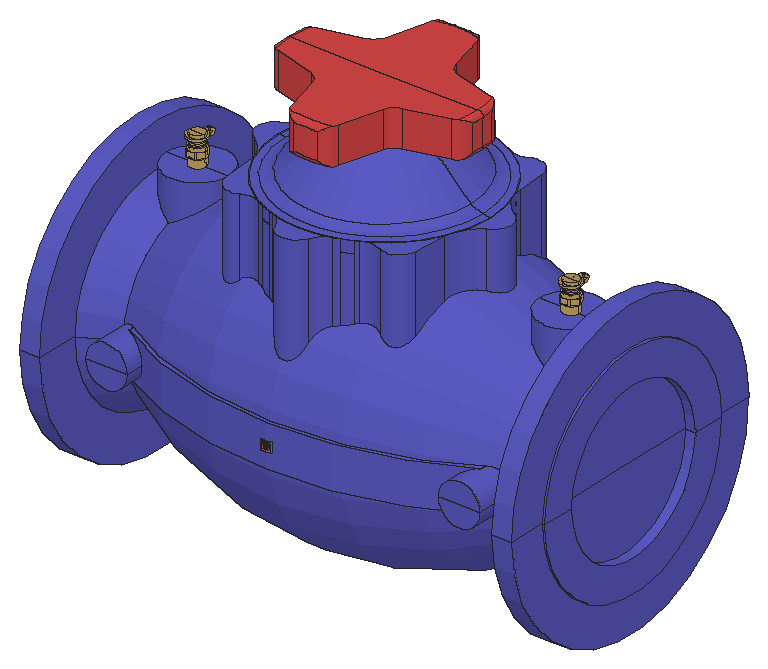
Revit family "HERZ Strömax Commissioning Valve With Test points, Straight Body 4218 GMF", category Rohrzubehör, Revit 2019
Family settings
  Bemaßung runder Anschluss = Durchmesser verwenden
  Teiletyp = Unterbricht
  OmniClass-Nummer = 23.65.55.14
  OmniClass-Titel = Valves for Liquid Services
  Arbeitsebenenbasiert = Nein
  Immer vertikal = Ja
  Beim Laden mit Abzugskörper schneiden = Nein
  Gemeinsam genutzt = Nein
Parameters
  kvs-value [instance] = if(Nennweite = 25.00 mm, 11.53, if(Nennweite = 32.00 mm, 16.6, if(Nennweite = 40.00 mm, 28.6, if(Nennweite = 50.00 mm, 37.84, if(Nennweite = 65.00 mm, 60.3, if(Nennweite = 80.00 mm, 67.8, if(Nennweite = 100.00 mm, 99.55, if(Nennweite = 125.00 mm, 186.58, if(Nennweite = 150.00 mm, 279.05, 0)))))))))  # 279.05
  W02 = 60.00°  # constant formula
  W01 [instance] = if(Nennweite = 25.00 mm, 10.00°, if(Nennweite = 32.00 mm, 10.00°, if(Nennweite = 40.00 mm, 15.00°, if(Nennweite = 50.00 mm, 10.00°, if(Nennweite = 65.00 mm, 25.00°, if(Nennweite = 80.00 mm, 25.00°, 0.80°))))))  # 0.80°
  Upper part (up to DN100) = "brass"  # constant formula
  Upper part (from DN125) = "grey cast iron"  # constant formula
  URL = "www.herzvalves.com"
  SCRNSEQ = "ARM;ARM_TYP=\"STRV\";2"
  SCRNCODE = "05;07;02"  # constant formula
  S01 [instance] = Nennweite + 10.00 mm  # 160.00 mm
  R02 [instance] = size_lookup("4218_GMF_", "R2", 1.00 mm, Nennweite)  # 30.00 mm
  R01 [instance] = size_lookup("4218_GMF_", "R1", 1.00 mm, Nennweite)  # 20.00 mm
  Part number [instance] = size_lookup("4218_GMF_", "Artnr", 0, Nennweite)  # 1421851
  O-Ring = "EPDM"  # constant formula
  Nennweite [instance] = 150.00 mm
  Model = "The STRÖMAX GMF commissioning valve with measuring valve, straight body DN 25 - 150:\r\nBody of grey cast iron GJL 250 according to EN 1561, flange according to EN 1092, PN 16;\r\nlength according to ÖNORM EN-558-1, basic series 1; painted blue.\r\nThermostatic upper part of brass to DN 100; from DN 125 thermstatic upper part of grey cast iron.\r\nDigital display of the pre-setting levels.\r\nNon-rising spindle with double O-ring seal."
  Medium = "Water purity in accordance with the ÖNORM H 5195 and VDI 2035 standards.\r\nEthylene and propylene glycol can be used in a ratio of 25-50 vol. [%] are mixed."
  Max. operating pressure = 1600000.0 Pa  # constant formula
  Max. operating temperature (up to DN32) = 130 °C  # constant formula
  Max. operating temperature (from DN40) = 110 °C  # constant formula
  L03 [instance] = size_lookup("4218_GMF_", "L3", 1.00 mm, Nennweite)  # 180.00 mm
  L02 [instance] = size_lookup("4218_GMF_", "L2", 1.00 mm, Nennweite)  # 170.00 mm
  L01 [instance] = size_lookup("4218_GMF_", "L1", 1.00 mm, Nennweite)  # 185.00 mm
  L00 [instance] = size_lookup("4218_GMF_", "L", 1.00 mm, Nennweite)  # 480.00 mm
  Hersteller = "HERZ Armaturen Ges.m.b.H."  # constant formula
  H08 [instance] = H02 + H04  # 238.50 mm
  H07 = 10.00 mm  # constant formula
  H06 [instance] = size_lookup("4218_GMF_", "H6", 1.00 mm, Nennweite)  # 56.00 mm
  H05 [instance] = size_lookup("4218_GMF_", "H5", 1.00 mm, Nennweite)  # 11.00 mm
  H04 [instance] = size_lookup("4218_GMF_", "H4", 1.00 mm, Nennweite)  # 78.50 mm
  H03 [instance] = size_lookup("4218_GMF_", "H3", 1.00 mm, Nennweite)  # 118.00 mm
  H02N [instance] = H02 + 11.00 mm  # 171.00 mm
  H02 [instance] = size_lookup("4218_GMF_", "H2", 1.00 mm, Nennweite)  # 160.00 mm
  H01 [instance] = size_lookup("4218_GMF_", "H1", 1.00 mm, Nennweite)  # 122.00 mm
  GT = 10.00 mm  # constant formula
  Field of application = "For hydraulic balancing in heating or cooling systems, regulating and shutting off distribution circuits, heat ex-changers, heating and cooling terminals."
  FLL02 [instance] = size_lookup("4218_GMF_", "FLL2", 1.00 mm, Nennweite)  # 19.00 mm
  FLL01 [instance] = size_lookup("4218_GMF_", "FLL1", 1.00 mm, Nennweite)  # 3.00 mm
  FLD03 [instance] = size_lookup("4218_GMF_", "FLD3", 1.00 mm, Nennweite)  # 84.20 mm
  FLD02 [instance] = size_lookup("4218_GMF_", "FLD2", 1.00 mm, Nennweite)  # 101.00 mm
  FLD01 [instance] = size_lookup("4218_GMF_", "FLD1", 1.00 mm, Nennweite)  # 106.00 mm
  FLD00 [instance] = size_lookup("4218_GMF_", "FLD", 1.00 mm, Nennweite)  # 142.50 mm
  Differential pressure measurement = "The STRÖMAX GMF double regulating and commissioning valve is equipped with two test points:\r\nIf a suitable measuring device is used, the differential pressure can be measured and the respective flow rate can be determined depending on the setting level.\r\nThe respective flow rate can also be read directly on the HERZ measuring computer (see device manual)."
  DN80 [instance] = Nennweite = 80.00 mm  # no
  DN65 [instance] = Nennweite = 65.00 mm  # no
  DN50-DN80 [instance] = or(Nennweite = 50.00 mm, Nennweite = 65.00 mm, Nennweite = 80.00 mm)  # no
  DN50 [instance] = Nennweite = 50.00 mm  # no
  DN40 [instance] = Nennweite = 40.00 mm  # no
  DN32 [instance] = Nennweite = 32.00 mm  # no
  DN25-DN40 [instance] = or(Nennweite = 25.00 mm, Nennweite = 32.00 mm, Nennweite = 40.00 mm)  # no
  DN25 [instance] = Nennweite = 25.00 mm  # no
  DN150 [instance] = Nennweite = 150.00 mm  # yes
  DN125 [instance] = Nennweite = 125.00 mm  # no
  DN100-DN125 [instance] = or(Nennweite = 100.00 mm, Nennweite = 125.00 mm, Nennweite = 150.00 mm)  # yes
  DN100 [instance] = Nennweite = 100.00 mm  # no
  D04 [instance] = size_lookup("4218_GMF_", "D4", 1.00 mm, Nennweite)  # 15.00 mm
  D03 [instance] = size_lookup("4218_GMF_", "D3", 1.00 mm, Nennweite)  # 16.00 mm
  D02 [instance] = size_lookup("4218_GMF_", "D2", 1.00 mm, Nennweite)  # 17.00 mm
  D01 [instance] = size_lookup("4218_GMF_", "D1", 1.00 mm, Nennweite)  # 102.50 mm
  D00 [instance] = size_lookup("4218_GMF_", "D", 1.00 mm, Nennweite)  # 140.00 mm
  Body = "grey cast iron GJL 250 according to EN 1561"  # constant formula
  BH02 [instance] = -BH01  # -20.00 mm
  BH01 [instance] = if(Nennweite = 25.00 mm, 12.00 mm, if(Nennweite = 32.00 mm, 12.50 mm, if(Nennweite = 40.00 mm, 12.50 mm, if(Nennweite = 50.00 mm, 12.50 mm, if(Nennweite = 65.00 mm, 15.00 mm, if(Nennweite = 80.00 mm, 16.00 mm, if(Nennweite = 100.00 mm, 17.50 mm, if(Nennweite = 125.00 mm, 17.50 mm, if(Nennweite = 150.00 mm, 20.00 mm, 1.00 mm)))))))))  # 20.00 mm
  Anschluss [instance] = Nennweite / 2  # 75.00 mm
Reference planes
  plane 1 "Mitte (Vorne/hinten)": y = 0
  plane 2: z = 0
  plane 3 "Mitte (Links/rechts)": x = 0
Forms (mm)
  Revolve 1, solid, material "Herz-Marineblau", detail levels fine
    sketch origin (1058.943, 0, 0) x (1, 0, 0) y (0, 1, 0)
      loop
        line (-1295.943, 142.5) -> (-1295.943, 106) -> (-1298.943, 106) -> (-1298.943, 75) -> (-1288.943, 75) -> (-1288.943, 0) -> (-828.943, 0) -> (-828.943, 75) -> (-818.943, 75) -> (-818.943, 106) -> (-821.943, 106) -> (-821.943, 142.5) -> (-840.943, 142.5) -> (-840.943, 101) -> (-873.943, 84.2)
        arc (-873.943, 84.2) -> (-1058.943, 140) -> (-1243.943, 84.2) r 334.576
        line (-1243.943, 84.2) -> (-1276.943, 101) -> (-1276.943, 142.5) -> (-1295.943, 142.5)
      axis (-1298.943, 0) -> (-818.943, 0)
    angle from 0 to 360
  Revolve 2, solid, material "Herz-Marineblau", detail levels fine
    sketch origin (0, 0, 0) x (1, 0, 0) y (0, 1, 0)
      loop
        line (-170, 122) -> (-190, 122) -> (-190, -122) -> (-170, -122) -> (-170, 122)
      axis (-170, 122) -> (-170, -122)
    angle from 0 to 360
  Revolve 3, solid, material "Herz-Marineblau", detail levels fine
    sketch origin (0, 0, 0) x (-1, 0, 0) y (0, 1, 0)
      loop
        line (-170, 122) -> (-190, 122) -> (-190, -122) -> (-170, -122) -> (-170, 122)
      axis (-170, 122) -> (-170, -122)
    angle from 0 to 360
  Revolve 4, solid, material "Herz-Marineblau", detail levels fine
    sketch origin (0, 0, 0) x (1, 0, 0) y (0, 0, 1)
      loop
        line (0, 0) -> (0, 160) -> (-102.5, 160) -> (-102.5, 0) -> (0, 0)
      axis (0, 160) -> (0, 0)
    angle from 0 to 360
  Revolve 5, solid, material "Herz-Marineblau", detail levels fine
    sketch origin (0, 0, 0) x (1, 0, 0) y (0, 0, 1)
      loop
        line (-178.413, 4.322) -> (-148.416, 4.741) -> (-150.003, 118.419) -> (-180, 118) -> (-178.413, 4.322)
      axis (-180, 118) -> (-178.413, 4.322)
    angle from 0 to 360
  Revolve 6, solid, material "Herz-Marineblau", detail levels fine
    sketch origin (0, 0, 0) x (-1, 0, 0) y (0, 0, 1)
      loop
        line (-178.413, 4.322) -> (-148.416, 4.741) -> (-150.003, 118.419) -> (-180, 118) -> (-178.413, 4.322)
      axis (-180, 118) -> (-178.413, 4.322)
    angle from 0 to 360
  Extrusion 7, solid, material "Herz-Marineblau", visible <- "DN25", detail levels fine
    sketch origin (0, 0, 0) x (1, 0, 0) y (0, 1, 0)
      loop
        line (-40, 18.232) -> (-40, -18.232)
        arc (-40, -18.232) -> (0, -31) -> (40, -18.232) r 69.038
        line (40, -18.232) -> (40, 18.232)
        arc (40, 18.232) -> (0, 31) -> (-40, 18.232) r 69.038
    from -20 <- "BH02" to 20 <- "BH01"
  Extrusion 8, solid, material "Herz-Marineblau", visible <- "DN32", detail levels fine
    sketch origin (0, 0, 0) x (1, 0, 0) y (0, 1, 0)
      loop
        line (-50, 21.35) -> (-50, -21.35)
        arc (-50, -21.35) -> (0, -37) -> (50, -21.35) r 87.698
        line (50, -21.35) -> (50, 21.35)
        arc (50, 21.35) -> (0, 37) -> (-50, 21.35) r 87.698
    from -20 <- "BH02" to 20 <- "BH01"
  Extrusion 9, solid, material "Herz-Marineblau", visible <- "DN40", detail levels fine
    sketch origin (0, 0, 0) x (1, 0, 0) y (0, 1, 0)
      loop
        arc (-60, -22.89) -> (0, -39) -> (60, -22.89) r 119.787
        line (60, -22.89) -> (60, 22.89)
        arc (60, 22.89) -> (0, 39) -> (-60, 22.89) r 119.787
        line (-60, 22.89) -> (-60, -22.89)
    from -20 <- "BH02" to 20 <- "BH01"
  Extrusion 10, solid, material "Herz-Marineblau", visible <- "DN50", detail levels fine
    sketch origin (0, 0, 0) x (1, 0, 0) y (0, 1, 0)
      loop
        line (70, -31.244) -> (70, 31.244)
        arc (70, 31.244) -> (0, 44) -> (-70, 31.244) r 198.442
        line (-70, 31.244) -> (-70, -31.244)
        arc (-70, -31.244) -> (0, -44) -> (70, -31.244) r 198.442
    from -20 <- "BH02" to 20 <- "BH01"
  Extrusion 11, solid, material "Herz-Marineblau", visible <- "DN65", detail levels fine
    sketch origin (0, 0, 0) x (1, 0, 0) y (0, 1, 0)
      loop
        line (-89, 42.065) -> (-89, -42.065)
        arc (-89, -42.065) -> (0, -53) -> (89, -42.065) r 367.662
        line (89, -42.065) -> (89, 42.065)
        arc (89, 42.065) -> (0, 53) -> (-89, 42.065) r 367.662
    from -20 <- "BH02" to 20 <- "BH01"
  Extrusion 12, solid, material "Herz-Marineblau", visible <- "DN80", detail levels fine
    sketch origin (0, 0, 0) x (1, 0, 0) y (0, 1, 0)
      loop
        arc (-100, -47.474) -> (0, -56.538) -> (100, -47.474) r 556.156
        line (100, -47.474) -> (100, 47.474)
        arc (100, 47.474) -> (0, 56.538) -> (-100, 47.474) r 556.156
        line (-100, 47.474) -> (-100, -47.474)
    from -20 <- "BH02" to 20 <- "BH01"
  Extrusion 13, solid, material "Herz-Marineblau", visible <- "DN100", detail levels fine
    sketch origin (0, 0, 0) x (1, 0, 0) y (0, 1, 0)
      loop
        line (-118, 61.457) -> (-118, -61.457)
        arc (-118, -61.457) -> (0, -84.506) -> (118, -61.457) r 313.571
        line (118, -61.457) -> (118, 61.457)
        arc (118, 61.457) -> (0, 84.506) -> (-118, 61.457) r 313.571
    from -20 <- "BH02" to 20 <- "BH01"
  Extrusion 14, solid, material "Herz-Marineblau", visible <- "DN125", detail levels fine
    sketch origin (0, 0, 0) x (1, 0, 0) y (0, 1, 0)
      loop
        line (-140, 76.087) -> (-140, -76.087)
        arc (-140, -76.087) -> (0, -121.009) -> (140, -76.087) r 240.621
        line (140, -76.087) -> (140, 76.087)
        arc (140, 76.087) -> (0, 121.009) -> (-140, 76.087) r 240.621
    from -20 <- "BH02" to 20 <- "BH01"
  Extrusion 15, solid, material "Herz-Marineblau", visible <- "DN150", detail levels fine
    sketch origin (0, 0, 0) x (1, 0, 0) y (0, 1, 0)
      loop
        arc (-170, -95.905) -> (0, -141.967) -> (170, -95.905) r 336.739
        line (170, -95.905) -> (170, 95.905)
        arc (170, 95.905) -> (0, 141.967) -> (-170, 95.905) r 336.739
        line (-170, 95.905) -> (-170, -95.905)
    from -20 <- "BH02" to 20 <- "BH01"
  Extrusion 16, solid, material "Herz-Marineblau", visible <- "DN125", detail levels fine
    sketch origin (0, 0, 0) x (1, 0, 0) y (0, 1, 0)
      loop
        arc (15.676, 98.149) -> (0, 109.5) -> (-15.676, 98.149) r 16.5
        arc (-15.676, 98.149) -> (-20.502, 90.282) -> (-28.346, 85.419) r 20
        arc (-28.346, 85.419) -> (-34.369, 83.168) -> (-40.215, 80.492) r 90
        arc (-40.215, 80.492) -> (-49.468, 78.32) -> (-58.678, 80.663) r 20
        arc (-58.678, 80.663) -> (-75.166, 79.318) -> (-82.2, 64.344) r 16.5
        line (-82.2, 64.344) -> (-85.23, 28.819)
        arc (-85.23, 28.819) -> (-90.21, 20.539) -> (-98.49, 15.56) r 20
        arc (-98.49, 15.56) -> (-109.5, 0) -> (-98.49, -15.56) r 16.5
        arc (-98.49, -15.56) -> (-90.21, -20.539) -> (-85.23, -28.819) r 20
        line (-85.23, -28.819) -> (-82.2, -64.344)
        arc (-82.2, -64.344) -> (-75.166, -79.318) -> (-58.678, -80.663) r 16.5
        arc (-58.678, -80.663) -> (-49.468, -78.32) -> (-40.215, -80.492) r 20
        arc (-40.215, -80.492) -> (-34.369, -83.168) -> (-28.346, -85.419) r 90
        arc (-28.346, -85.419) -> (-20.502, -90.282) -> (-15.676, -98.149) r 20
        arc (-15.676, -98.149) -> (0, -109.5) -> (15.676, -98.149) r 16.5
        arc (15.676, -98.149) -> (20.502, -90.282) -> (28.346, -85.419) r 20
        arc (28.346, -85.419) -> (34.369, -83.168) -> (40.215, -80.492) r 90
        arc (40.215, -80.492) -> (49.468, -78.32) -> (58.678, -80.663) r 20
        arc (58.678, -80.663) -> (75.166, -79.318) -> (82.2, -64.344) r 16.5
        line (82.2, -64.344) -> (85.23, -28.819)
        arc (85.23, -28.819) -> (90.21, -20.539) -> (98.49, -15.56) r 20
        arc (98.49, -15.56) -> (109.5, 0) -> (98.49, 15.56) r 16.5
        arc (98.49, 15.56) -> (90.21, 20.539) -> (85.23, 28.819) r 20
        line (85.23, 28.819) -> (82.2, 64.344)
        arc (82.2, 64.344) -> (75.166, 79.318) -> (58.678, 80.663) r 16.5
        arc (58.678, 80.663) -> (49.468, 78.32) -> (40.215, 80.492) r 20
        arc (40.215, 80.492) -> (34.369, 83.168) -> (28.346, 85.419) r 90
        arc (28.346, 85.419) -> (20.502, 90.282) -> (15.676, 98.149) r 20
    from 0 to 171 <- "H02N"
  Extrusion 17, solid, material "Herz-Marineblau", visible <- "DN150", detail levels fine
    sketch origin (0, 0, 0) x (1, 0, 0) y (0, 1, 0)
      loop
        arc (16.1, 110.958) -> (0, 122.5) -> (-16.1, 110.958) r 17
        arc (-16.1, 110.958) -> (-21.16, 102.981) -> (-29.318, 98.218) r 19.995
        arc (-29.318, 98.218) -> (-39.225, 94.698) -> (-48.72, 90.181) r 102.5
        arc (-48.72, 90.181) -> (-57.856, 87.781) -> (-67.075, 89.844) r 19.995
        arc (-67.075, 89.844) -> (-82.996, 89.381) -> (-91.547, 75.943) r 17
        line (-91.547, 75.943) -> (-94.4, 39.936)
        arc (-94.4, 39.936) -> (-101.42, 25.402) -> (-113.679, 14.903) r 39.4
        arc (-113.679, 14.903) -> (-122.5, 0) -> (-113.679, -14.903) r 17
        arc (-113.679, -14.903) -> (-101.42, -25.402) -> (-94.4, -39.936) r 39.4
        line (-94.4, -39.936) -> (-91.547, -75.943)
        arc (-91.547, -75.943) -> (-82.996, -89.381) -> (-67.075, -89.844) r 17
        arc (-67.075, -89.844) -> (-57.856, -87.781) -> (-48.72, -90.181) r 19.995
        arc (-48.72, -90.181) -> (-39.225, -94.698) -> (-29.318, -98.218) r 102.5
        arc (-29.318, -98.218) -> (-21.16, -102.981) -> (-16.1, -110.958) r 19.995
        arc (-16.1, -110.958) -> (0, -122.5) -> (16.1, -110.958) r 17
        arc (16.1, -110.958) -> (21.16, -102.981) -> (29.318, -98.218) r 19.995
        arc (29.318, -98.218) -> (39.225, -94.698) -> (48.72, -90.181) r 102.5
        arc (48.72, -90.181) -> (57.856, -87.781) -> (67.075, -89.844) r 19.995
        arc (67.075, -89.844) -> (82.996, -89.381) -> (91.547, -75.943) r 17
        line (91.547, -75.943) -> (93.96, -45.484)
        arc (93.96, -45.484) -> (99.132, -28.867) -> (110.958, -16.1) r 39.4
        arc (110.958, -16.1) -> (122.5, 0) -> (110.958, 16.1) r 17
        arc (110.958, 16.1) -> (99.132, 28.867) -> (93.96, 45.484) r 39.4
        line (93.96, 45.484) -> (91.547, 75.943)
        arc (91.547, 75.943) -> (82.996, 89.381) -> (67.075, 89.844) r 17
        arc (67.075, 89.844) -> (57.856, 87.781) -> (48.72, 90.181) r 19.995
        arc (48.72, 90.181) -> (39.225, 94.698) -> (29.318, 98.218) r 102.5
        arc (29.318, 98.218) -> (21.16, 102.981) -> (16.1, 110.958) r 19.995
    from 0 to 171 <- "H02N"
  Revolve 18, solid, material "Herz-Marineblau", detail levels fine
    sketch origin (0, 0, 0) x (1, 0, 0) y (0, 0, 1)
      loop
        line (0, 160) -> (0, 238.5) -> (-15, 238.5) -> (-15, 228.5) -> (-16, 228.5) -> (-16, 227) -> (-17, 227) -> (-17, 171) -> (-102.5, 171) -> (-102.5, 160) -> (0, 160)
      axis (0, 238.5) -> (0, 160)
    angle from 0 to 360
  Revolve 19, solid, material "Herz-Marineblau", visible <- "DN125", detail levels fine
    sketch origin (0, 0, 143) x (1, 0, 0) y (0, 0, 1)
      loop
        line (0, 0) -> (0, 62) -> (-15, 62) -> (-15, 52) -> (-21.8, 52)
        arc (-21.8, 52) -> (-23.44, 48.297) -> (-27.284, 47.023) r 5
        arc (-27.284, 47.023) -> (-30.294, 46.63) -> (-32.827, 44.959) r 6.752
        arc (-32.827, 44.959) -> (-52.854, 27.042) -> (-71.197, 7.406) r 300
        arc (-71.197, 7.406) -> (-77.249, 2.612) -> (-84.666, 0.467) r 20
        line (-84.666, 0.467) -> (-90, 0) -> (0, 0)
      axis (0, 62) -> (0, 0)
    angle from 0 to 360
  Revolve 20, solid, material "Herz-Marineblau", visible <- "DN150", detail levels fine
    sketch origin (0, 0, 171) x (1, 0, 0) y (0, 0, 1)
      loop
        line (0, 67.5) -> (-15, 67.5) -> (-15, 57.5) -> (-21.8, 57.5)
        arc (-21.8, 57.5) -> (-23.44, 53.797) -> (-27.284, 52.523) r 5
        arc (-27.284, 52.523) -> (-29.026, 52.21) -> (-30.549, 51.31) r 5
        arc (-30.549, 51.31) -> (-58.499, 29.932) -> (-83.754, 5.428) r 300
        arc (-83.754, 5.428) -> (-89.037, 2.148) -> (-95.072, 0.65) r 20
        line (-95.072, 0.65) -> (-102.5, 0) -> (0, 0) -> (0, 67.5)
      axis (0, 67.5) -> (0, 0)
    angle from 0 to 360
Lines and regions (mm)
  model lines, detail levels coarse+medium
    curve 1: line (-240, 0, 142.5) -> (-240, 0, -142.5)
    curve 2: line (-240, 0, -142.5) -> (240, 0, 142.5)
    curve 3: line (240, 0, 142.5) -> (240, 0, -142.5)
    curve 4: line (240, 0, -142.5) -> (-240, 0, 142.5)
    curve 5: line (0, 0, 0) -> (137.698, 0, 238.5)
    curve 6: line (68.416, 0, 278.5) -> (206.98, 0, 198.5)
    curve 7: line (-240, 142.5, 0) -> (-240, -142.5, 0)
    curve 8: line (-240, -142.5, 0) -> (240, 142.5, 0)
    curve 9: line (240, 142.5, 0) -> (240, -142.5, 0)
    curve 10: line (240, -142.5, 0) -> (-240, 142.5, 0)
    curve 11: line (0, 0, 0) -> (137.698, 238.5, 0)
    curve 12: line (68.416, 278.5, 0) -> (206.98, 198.5, 0)
Dimensions and locks
  "FLD00": plane 1 "Mitte (Vorne/hinten)" to Revolve 1 sketch curve
  "FLD01": plane 1 "Mitte (Vorne/hinten)" to Revolve 1 sketch curve
  "FLD02": plane 1 "Mitte (Vorne/hinten)" to Revolve 1 sketch curve  (x2)
  "FLD03": plane 1 "Mitte (Vorne/hinten)" to Revolve 1 sketch curve  (x2)
  "GT": Revolve 1 sketch curve to Revolve 1 sketch curve  (x2)
  "FLL01": Revolve 1 sketch curve to Revolve 1 sketch curve  (x2)
  "FLL02": Revolve 1 sketch curve to Revolve 1 sketch curve  (x2)
  equal spacing: Revolve 1 sketch curve, plane 3 "Mitte (Links/rechts)", Revolve 1 sketch curve
  "Anschluss": Revolve 1 sketch curve to plane 1 "Mitte (Vorne/hinten)"
  "Anschluss": plane 1 "Mitte (Vorne/hinten)" to Revolve 1 sketch curve
  "FLD01": Revolve 1 sketch curve to plane 1 "Mitte (Vorne/hinten)"
  "FLD00": Revolve 1 sketch curve to plane 1 "Mitte (Vorne/hinten)"
  "L00": Revolve 1 sketch curve to Revolve 1 sketch curve
  "D00": plane 1 "Mitte (Vorne/hinten)" to Revolve 1 sketch curve
  "L01": Revolve 1 sketch curve to plane 3 "Mitte (Links/rechts)" to Revolve 1 sketch curve
  "L02": Revolve 2 sketch curve to plane 3 "Mitte (Links/rechts)"
  "R01": Revolve 2 sketch curve to Revolve 2 sketch curve
  "H01": Revolve 2 sketch curve to plane 1 "Mitte (Vorne/hinten)" to Revolve 2 sketch curve
  "L02": plane 3 "Mitte (Links/rechts)" to Revolve 3 sketch curve
  "R01": Revolve 3 sketch curve to Revolve 3 sketch curve
  "H01": Revolve 3 sketch curve to plane 1 "Mitte (Vorne/hinten)" to Revolve 3 sketch curve
  "D01": plane 3 "Mitte (Links/rechts)" to Revolve 4 sketch curve
  "H02": Revolve 4 sketch curve to plane 2
  "H03": Revolve 5 sketch curve to plane 2  (x2)
  "R02": Revolve 5 sketch curve to Revolve 5 sketch curve
  "L03": plane 3 "Mitte (Links/rechts)" to Revolve 5 sketch curve  (x2)
  "R02": Revolve 6 sketch curve to Revolve 6 sketch curve
  "L03": Revolve 6 sketch curve to plane 3 "Mitte (Links/rechts)"  (x2)
  "H03": Revolve 6 sketch curve to plane 2  (x2)
  "D01": plane 3 "Mitte (Links/rechts)" to Revolve 18 sketch curve
  "D02": plane 3 "Mitte (Links/rechts)" to Revolve 18 sketch curve
  "D03": plane 3 "Mitte (Links/rechts)" to Revolve 18 sketch curve
  "D04": plane 3 "Mitte (Links/rechts)" to Revolve 18 sketch curve
  "H02": Revolve 18 sketch curve to plane 2
  "H04": Revolve 18 sketch curve to Revolve 18 sketch curve
  "H05": Revolve 18 sketch curve to Revolve 18 sketch curve
  "H06": Revolve 18 sketch curve to Revolve 18 sketch curve
  "H07": Revolve 18 sketch curve to Revolve 18 sketch curve
  "H08": nested 28 to plane 2
  "H08": nested 29 to plane 2
  "H08": nested 30 to plane 2
  "FLD00": curve 4 to plane 2 to curve 2
  "FLD00": curve 3 to plane 2 to curve 4
  equal spacing: curve 1, plane 3 "Mitte (Links/rechts)", curve 3
  "L00": curve 1 to curve 3
  equal spacing: curve 1, curve 5, curve 3
  "H08": curve 5 to plane 2
  equal spacing: curve 6, curve 5, curve 6
  "S01": curve 6 to curve 6
  "FLD00": curve 8 to plane 1 "Mitte (Vorne/hinten)" to curve 10
  "FLD00": curve 10 to plane 1 "Mitte (Vorne/hinten)" to curve 9
  equal spacing: curve 7, plane 3 "Mitte (Links/rechts)", curve 9
  "L00": curve 7 to curve 9
  equal spacing: curve 7, curve 11, curve 9
  "H08": plane 1 "Mitte (Vorne/hinten)" to curve 11
  equal spacing: curve 12, curve 11, curve 12
  "S01": curve 12 to curve 12
  "W01": angle plane 3 "Mitte (Links/rechts)" to Revolve 5 sketch curve  (x2)
  "W01": angle Revolve 6 sketch curve to plane 3 "Mitte (Links/rechts)"  (x2)
  "W02": angle plane 2 to curve 5
  "W02": angle plane 1 "Mitte (Vorne/hinten)" to curve 11
  aligned and locked: level to plane 2
Automatic sketch dimensions
  Extrusion 7 sketch curve to plane 3 "Mitte (Links/rechts)" = 0.00 mm  (x2)
  Extrusion 7 sketch curve to plane 1 "Mitte (Vorne/hinten)" = 18.232 mm  (x2)
  Extrusion 7 sketch curve to plane 3 "Mitte (Links/rechts)" = 40.00 mm
  plane 1 "Mitte (Vorne/hinten)" to Extrusion 7 sketch curve = 18.232 mm
  plane 1 "Mitte (Vorne/hinten)" to Extrusion 7 sketch curve = 38.038 mm
  Extrusion 7 sketch curve to plane 1 "Mitte (Vorne/hinten)" = 38.038 mm
  Extrusion 8 sketch curve to plane 3 "Mitte (Links/rechts)" = 0.00 mm  (x2)
  plane 1 "Mitte (Vorne/hinten)" to Extrusion 8 sketch curve = 21.35 mm  (x2)
  Extrusion 8 sketch curve to plane 3 "Mitte (Links/rechts)" = 50.00 mm
  plane 1 "Mitte (Vorne/hinten)" to Extrusion 8 sketch curve = 50.698 mm
  Extrusion 8 sketch curve to plane 1 "Mitte (Vorne/hinten)" = 21.35 mm
  Extrusion 8 sketch curve to plane 1 "Mitte (Vorne/hinten)" = 50.698 mm
  Extrusion 9 sketch curve to plane 3 "Mitte (Links/rechts)" = 0.00 mm  (x2)
  Extrusion 9 sketch curve to plane 1 "Mitte (Vorne/hinten)" = 22.89 mm  (x2)
  Extrusion 9 sketch curve to plane 3 "Mitte (Links/rechts)" = 60.00 mm
  plane 1 "Mitte (Vorne/hinten)" to Extrusion 9 sketch curve = 22.89 mm
  plane 1 "Mitte (Vorne/hinten)" to Extrusion 9 sketch curve = 80.787 mm
  Extrusion 9 sketch curve to plane 1 "Mitte (Vorne/hinten)" = 80.787 mm
  Extrusion 10 sketch curve to plane 3 "Mitte (Links/rechts)" = 0.00 mm  (x2)
  plane 1 "Mitte (Vorne/hinten)" to Extrusion 10 sketch curve = 31.244 mm  (x2)
  Extrusion 10 sketch curve to plane 3 "Mitte (Links/rechts)" = 70.00 mm
  Extrusion 10 sketch curve to Extrusion 10 sketch curve = 123.198 mm  (x2)
  Extrusion 10 sketch curve to plane 1 "Mitte (Vorne/hinten)" = 31.244 mm
  Extrusion 11 sketch curve to plane 3 "Mitte (Links/rechts)" = 0.00 mm  (x2)
  plane 1 "Mitte (Vorne/hinten)" to Extrusion 11 sketch curve = 42.065 mm  (x2)
  Extrusion 11 sketch curve to plane 3 "Mitte (Links/rechts)" = 89.00 mm
  Extrusion 11 sketch curve to Extrusion 11 sketch curve = 272.597 mm  (x2)
  Extrusion 11 sketch curve to plane 1 "Mitte (Vorne/hinten)" = 42.065 mm
  Extrusion 12 sketch curve to plane 3 "Mitte (Links/rechts)" = 0.00 mm  (x2)
  Extrusion 12 sketch curve to plane 1 "Mitte (Vorne/hinten)" = 47.474 mm
  Extrusion 12 sketch curve to plane 3 "Mitte (Links/rechts)" = 100.00 mm
  plane 1 "Mitte (Vorne/hinten)" to Extrusion 12 sketch curve = 47.474 mm
  plane 3 "Mitte (Links/rechts)" to Extrusion 12 sketch curve = 100.00 mm
  Extrusion 12 sketch curve to Extrusion 12 sketch curve = 452.143 mm  (x2)
  Extrusion 13 sketch curve to plane 3 "Mitte (Links/rechts)" = 0.00 mm  (x2)
  plane 1 "Mitte (Vorne/hinten)" to Extrusion 13 sketch curve = 61.457 mm  (x2)
  Extrusion 13 sketch curve to plane 3 "Mitte (Links/rechts)" = 118.00 mm
  Extrusion 13 sketch curve to Extrusion 13 sketch curve = 167.608 mm  (x2)
  Extrusion 13 sketch curve to plane 1 "Mitte (Vorne/hinten)" = 61.457 mm
  Extrusion 14 sketch curve to plane 3 "Mitte (Links/rechts)" = 0.00 mm  (x2)
  plane 1 "Mitte (Vorne/hinten)" to Extrusion 14 sketch curve = 76.087 mm  (x2)
  Extrusion 14 sketch curve to plane 3 "Mitte (Links/rechts)" = 140.00 mm
  plane 1 "Mitte (Vorne/hinten)" to Extrusion 14 sketch curve = 119.612 mm
  Extrusion 14 sketch curve to plane 1 "Mitte (Vorne/hinten)" = 76.087 mm
  Extrusion 14 sketch curve to plane 1 "Mitte (Vorne/hinten)" = 119.612 mm
  Extrusion 15 sketch curve to plane 3 "Mitte (Links/rechts)" = 0.00 mm  (x2)
  Extrusion 15 sketch curve to plane 1 "Mitte (Vorne/hinten)" = 95.905 mm  (x2)
  Extrusion 15 sketch curve to plane 3 "Mitte (Links/rechts)" = 170.00 mm
  plane 1 "Mitte (Vorne/hinten)" to Extrusion 15 sketch curve = 95.905 mm
  plane 1 "Mitte (Vorne/hinten)" to Extrusion 15 sketch curve = 194.771 mm
  Extrusion 15 sketch curve to plane 1 "Mitte (Vorne/hinten)" = 194.771 mm
  plane 1 "Mitte (Vorne/hinten)" to Extrusion 16 sketch curve = 0.00 mm  (x2)
  Extrusion 16 sketch curve to plane 3 "Mitte (Links/rechts)" = 0.00 mm  (x2)
  plane 1 "Mitte (Vorne/hinten)" to Extrusion 16 sketch curve = 0.047 mm  (x2)
  Extrusion 16 sketch curve to plane 3 "Mitte (Links/rechts)" = 0.141 mm
  Extrusion 16 sketch curve to plane 1 "Mitte (Vorne/hinten)" = 0.047 mm  (x2)
  Extrusion 16 sketch curve to Extrusion 16 sketch curve = 0.00 mm  (x10)
  Extrusion 16 sketch curve to plane 3 "Mitte (Links/rechts)" = 34.677 mm  (x2)
  Extrusion 16 sketch curve to Extrusion 16 sketch curve = 14.605 mm  (x4)
  Extrusion 16 sketch curve to Extrusion 16 sketch curve = 16.479 mm  (x4)
  Extrusion 16 sketch curve to Extrusion 16 sketch curve = 16.439 mm  (x4)
  Extrusion 16 sketch curve to Extrusion 16 sketch curve = 3.03 mm  (x4)
  plane 1 "Mitte (Vorne/hinten)" to Extrusion 16 sketch curve = 28.819 mm  (x2)
  Extrusion 16 sketch curve to Extrusion 16 sketch curve = 7.77 mm  (x2)
  Extrusion 16 sketch curve to Extrusion 16 sketch curve = 19.122 mm  (x4)
  plane 3 "Mitte (Links/rechts)" to Extrusion 16 sketch curve = 0.141 mm
  plane 3 "Mitte (Links/rechts)" to Extrusion 16 sketch curve = 34.677 mm  (x2)
  Extrusion 16 sketch curve to Extrusion 16 sketch curve = 5.862 mm  (x4)
  Extrusion 16 sketch curve to Extrusion 16 sketch curve = 35.525 mm  (x4)
  Extrusion 16 sketch curve to Extrusion 16 sketch curve = 1.417 mm  (x4)
  Extrusion 16 sketch curve to Extrusion 16 sketch curve = 27.239 mm  (x2)
  Extrusion 16 sketch curve to Extrusion 16 sketch curve = 32.558 mm  (x4)
  Extrusion 16 sketch curve to Extrusion 16 sketch curve = 6.072 mm  (x4)
  Extrusion 16 sketch curve to plane 1 "Mitte (Vorne/hinten)" = 28.819 mm  (x2)
  Extrusion 16 sketch curve to plane 3 "Mitte (Links/rechts)" = 15.676 mm  (x2)
  Extrusion 16 sketch curve to Extrusion 16 sketch curve = 11.869 mm  (x4)
  Extrusion 16 sketch curve to plane 1 "Mitte (Vorne/hinten)" = 15.56 mm
  plane 1 "Mitte (Vorne/hinten)" to Extrusion 16 sketch curve = 15.56 mm
  Extrusion 17 sketch curve to Extrusion 17 sketch curve = 0.00 mm  (x25)
  plane 1 "Mitte (Vorne/hinten)" to Extrusion 17 sketch curve = 0.00 mm  (x3)
  Extrusion 17 sketch curve to plane 3 "Mitte (Links/rechts)" = 0.00 mm  (x3)
  Extrusion 17 sketch curve to plane 3 "Mitte (Links/rechts)" = 35.037 mm  (x2)
  Extrusion 17 sketch curve to Extrusion 17 sketch curve = 23.187 mm  (x4)
  Extrusion 17 sketch curve to Extrusion 17 sketch curve = 16.376 mm  (x4)
  Extrusion 17 sketch curve to Extrusion 17 sketch curve = 16.947 mm  (x4)
  Extrusion 17 sketch curve to plane 1 "Mitte (Vorne/hinten)" = 39.936 mm
  Extrusion 17 sketch curve to Extrusion 17 sketch curve = 2.853 mm  (x2)
  plane 1 "Mitte (Vorne/hinten)" to Extrusion 17 sketch curve = 39.936 mm
  Extrusion 17 sketch curve to Extrusion 17 sketch curve = 11.10 mm
  Extrusion 17 sketch curve to Extrusion 17 sketch curve = 38.236 mm  (x2)
  plane 3 "Mitte (Links/rechts)" to Extrusion 17 sketch curve = 35.037 mm  (x2)
  plane 1 "Mitte (Vorne/hinten)" to Extrusion 17 sketch curve = 45.484 mm
  Extrusion 17 sketch curve to Extrusion 17 sketch curve = 2.414 mm  (x2)
  Extrusion 17 sketch curve to plane 1 "Mitte (Vorne/hinten)" = 45.484 mm
  Extrusion 17 sketch curve to Extrusion 17 sketch curve = 11.54 mm
  Extrusion 17 sketch curve to Extrusion 17 sketch curve = 39.277 mm  (x2)
  Extrusion 17 sketch curve to Extrusion 17 sketch curve = 3.113 mm  (x2)
  Extrusion 17 sketch curve to Extrusion 17 sketch curve = 9.507 mm  (x2)
  Extrusion 17 sketch curve to Extrusion 17 sketch curve = 29.116 mm  (x2)
  Extrusion 17 sketch curve to Extrusion 17 sketch curve = 34.664 mm  (x2)
  Extrusion 17 sketch curve to Extrusion 17 sketch curve = 1.343 mm  (x4)
  Extrusion 17 sketch curve to Extrusion 17 sketch curve = 30.90 mm  (x2)
  Extrusion 17 sketch curve to Extrusion 17 sketch curve = 33.174 mm  (x4)
  Extrusion 17 sketch curve to Extrusion 17 sketch curve = 9.604 mm  (x4)
  Extrusion 17 sketch curve to plane 3 "Mitte (Links/rechts)" = 16.10 mm  (x2)
  plane 1 "Mitte (Vorne/hinten)" to Extrusion 17 sketch curve = 16.10 mm
  Revolve 19 sketch curve to plane 3 "Mitte (Links/rechts)" = 0.00 mm  (x2)
  Revolve 19 sketch curve to Revolve 19 sketch curve = 15.00 mm
  Revolve 19 sketch curve to Revolve 19 sketch curve = 6.80 mm
  Revolve 19 sketch curve to Revolve 19 sketch curve = 5.00 mm
  Revolve 19 sketch curve to Revolve 19 sketch curve = 1.137 mm
  Revolve 19 sketch curve to Revolve 19 sketch curve = 56.729 mm
  Revolve 19 sketch curve to Revolve 19 sketch curve = 1.743 mm
  Revolve 19 sketch curve to Revolve 19 sketch curve = 5.334 mm
  Revolve 19 sketch curve to level = 44.36 mm
  plane 3 "Mitte (Links/rechts)" to Revolve 19 sketch curve = 156.983 mm
  level to Revolve 19 sketch curve = 143.00 mm
  Revolve 19 sketch curve to Revolve 19 sketch curve = 0.467 mm
  Revolve 19 sketch curve to Revolve 19 sketch curve = 19.924 mm
  Revolve 19 sketch curve to Revolve 19 sketch curve = 40.303 mm
  Revolve 19 sketch curve to Revolve 19 sketch curve = 11.697 mm
  Revolve 19 sketch curve to Revolve 19 sketch curve = 10.00 mm
  Revolve 19 sketch curve to Revolve 19 sketch curve = 0.00 mm
  Revolve 19 sketch curve to Revolve 19 sketch curve = 5.544 mm
  Revolve 19 sketch curve to level = 223.045 mm
  Revolve 19 sketch curve to Revolve 19 sketch curve = 2152.315 mm
  level to Revolve 20 sketch curve = 171.00 mm
  Revolve 20 sketch curve to plane 3 "Mitte (Links/rechts)" = 0.00 mm  (x2)
  Revolve 20 sketch curve to plane 3 "Mitte (Links/rechts)" = 15.00 mm
  Revolve 20 sketch curve to Revolve 20 sketch curve = 6.80 mm
  Revolve 20 sketch curve to Revolve 20 sketch curve = 5.00 mm
  Revolve 20 sketch curve to Revolve 20 sketch curve = 0.484 mm
  level to Revolve 20 sketch curve = 171.65 mm
  Revolve 20 sketch curve to Revolve 20 sketch curve = 67.788 mm
  Revolve 20 sketch curve to Revolve 20 sketch curve = 1.743 mm
  Revolve 20 sketch curve to Revolve 20 sketch curve = 7.428 mm
  plane 3 "Mitte (Links/rechts)" to Revolve 20 sketch curve = 137.422 mm
  Revolve 20 sketch curve to level = 26.257 mm
  Revolve 20 sketch curve to Revolve 20 sketch curve = 19.924 mm
  level to Revolve 20 sketch curve = 218.523 mm
  Revolve 20 sketch curve to Revolve 20 sketch curve = 9.977 mm
  Revolve 20 sketch curve to Revolve 20 sketch curve = 10.00 mm
  Revolve 20 sketch curve to Revolve 20 sketch curve = 3.265 mm
  Revolve 20 sketch curve to Revolve 20 sketch curve = 168.787 mm
  Revolve 20 sketch curve to Revolve 20 sketch curve = 2146.815 mm
  plane 1 "Mitte (Vorne/hinten)" to Revolve 1 sketch curve = 0.00 mm  (x2)
  Revolve 1 sketch curve to Revolve 1 sketch curve = 35.00 mm
  Revolve 1 sketch curve to Revolve 1 sketch curve = 40.00 mm
  Revolve 2 sketch curve to Revolve 2 sketch curve = 0.00 mm  (x3)
  Revolve 3 sketch curve to Revolve 3 sketch curve = 0.00 mm  (x3)
  Revolve 4 sketch curve to level = 0.00 mm
  Revolve 4 sketch curve to plane 3 "Mitte (Links/rechts)" = 0.00 mm  (x2)
  Revolve 4 sketch curve to Revolve 4 sketch curve = 366.045 mm
  Revolve 4 sketch curve to Revolve 4 sketch curve = 2169.315 mm
  level to Revolve 5 sketch curve = 4.322 mm
  Revolve 6 sketch curve to level = 4.322 mm
  Revolve 18 sketch curve to plane 3 "Mitte (Links/rechts)" = 0.00 mm  (x2)
  Revolve 18 sketch curve to level = 366.045 mm
  Revolve 18 sketch curve to Revolve 18 sketch curve = 2130.015 mm
Nested families
  nested 1: "Herz-Logo-vorne" at (0, -31, 0) x (0, 1, 0) z (0, 0, 1), visible <- "DN25", type "Herz-Logo-vorne", detail levels fine
  nested 2: "Herz-Logo-vorne" at (0, -36.982, 0) x (0, 1, 0) z (0, 0, 1), visible <- "DN32", type "Herz-Logo-vorne", detail levels fine
  nested 3: "Herz-Logo-vorne" at (0, -39, 0) x (0, 1, 0) z (0, 0, 1), visible <- "DN40", type "Herz-Logo-vorne", detail levels fine
  nested 4: "Herz-Logo-vorne" at (0, -44, 0) x (0, 1, 0) z (0, 0, 1), visible <- "DN50", type "Herz-Logo-vorne", detail levels fine
  nested 5: "Herz-Logo-vorne" at (0, -52.982, 0) x (0, 1, 0) z (0, 0, 1), visible <- "DN65", type "Herz-Logo-vorne", detail levels fine
  nested 6: "Herz-Logo-vorne" at (0, -56.521, 0) x (0, 1, 0) z (0, 0, 1), visible <- "DN80", type "Herz-Logo-vorne", detail levels fine
  nested 7: "Herz-Logo-vorne" at (0, -84.489, 0) x (0, 1, 0) z (0, 0, 1), visible <- "DN100", type "Herz-Logo-vorne", detail levels fine
  nested 8: "Herz-Logo-vorne" at (0, -120.991, 0) x (0, 1, 0) z (0, 0, 1), visible <- "DN125", type "Herz-Logo-vorne", detail levels fine
  nested 9: "Herz-Logo-vorne" at (0, -141.95, 0) x (0, 1, 0) z (0, 0, 1), visible <- "DN150", type "Herz-Logo-vorne", detail levels fine
  nested 10: "Messstutzen_Band_Austritt_senkrecht_(oben 10)" at (40.437, 0, 23.137), visible <- "DN25", type "Messstutzen_Band_Austritt_senkrecht_(oben 10)"
    with Schutzkappe yes, Nennweite 0.00 mm, Gewicht 0.00 kg, Bestellnummer 0
  nested 11: "Messstutzen_Band_Austritt_senkrecht_(oben 10)" at (46.437, 0, 23.137), visible <- "DN32", type "Messstutzen_Band_Austritt_senkrecht_(oben 10)"
    with Schutzkappe yes, Nennweite 0.00 mm, Gewicht 0.00 kg, Bestellnummer 0
  nested 12: "Messstutzen_Band_Austritt_senkrecht_(oben 15)" at (49.671, 0, 29.307), visible <- "DN40", type "Messstutzen_Band_Austritt_senkrecht_(oben 15)"
    with Schutzkappe yes, Nennweite 0.00 mm, Gewicht 0.00 kg, Bestellnummer 0
  nested 13: "Messstutzen_Band_Austritt_senkrecht_(oben 10)" at (63.437, 0, 39.137), visible <- "DN50", type "Messstutzen_Band_Austritt_senkrecht_(oben 10)"
    with Schutzkappe yes, Nennweite 0.00 mm, Gewicht 0.00 kg, Bestellnummer 0
  nested 14: "Messstutzen_Band_Austritt_senkrecht_(oben 25)" at (73.196, 0, 51.843), visible <- "DN65", type "Messstutzen_Band_Austritt_senkrecht_(oben 25)"
    with Schutzkappe yes, Nennweite 0.00 mm, Gewicht 0.00 kg, Bestellnummer 0
  nested 15: "Messstutzen_Band_Austritt_senkrecht_(oben 25)" at (81.196, 0, 56.843), visible <- "DN80", type "Messstutzen_Band_Austritt_senkrecht_(oben 25)"
    with Schutzkappe yes, Nennweite 0.00 mm, Gewicht 0.00 kg, Bestellnummer 0
  nested 16: "Messstutzen_Band_Austritt_senkrecht_(oben 0.8)" at (124.874, 0, 67.001), visible <- "DN100", type "Messstutzen_Band_Austritt_senkrecht_(oben 0.8)"
    with Schutzkappe yes, Nennweite 0.00 mm, Gewicht 0.00 kg, Bestellnummer 0
  nested 17: "Messstutzen_Band_Austritt_senkrecht_(oben 0.8)" at (153.874, 0, 91.001), visible <- "DN125", type "Messstutzen_Band_Austritt_senkrecht_(oben 0.8)"
    with Schutzkappe yes, Nennweite 0.00 mm, Gewicht 0.00 kg, Bestellnummer 0
  nested 18: "Messstutzen_Band_Austritt_senkrecht_(oben 0.8)" at (179.874, 0, 109.001), visible <- "DN150", type "Messstutzen_Band_Austritt_senkrecht_(oben 0.8)"
    with Schutzkappe yes, Nennweite 0.00 mm, Gewicht 0.00 kg, Bestellnummer 0
  nested 19: "Messstutzen_Band_Eintritt_senkrecht_(oben 10)" at (-40.437, 0, 23.137), visible <- "DN25", type "Messstutzen_Band_Eintritt_senkrecht_(oben 10)"
    with Schutzkappe yes, Nennweite 0.00 mm, Gewicht 0.00 kg, Bestellnummer 0
  nested 20: "Messstutzen_Band_Eintritt_senkrecht_(oben 10)" at (-46.437, 0, 23.137), visible <- "DN32", type "Messstutzen_Band_Eintritt_senkrecht_(oben 10)"
    with Schutzkappe yes, Nennweite 0.00 mm, Gewicht 0.00 kg, Bestellnummer 0
  nested 21: "Messstutzen_Band_Eintritt_senkrecht_(oben 15)" at (-49.671, 0, 29.307), visible <- "DN40", type "Messstutzen_Band_Eintritt_senkrecht_(oben 15)"
    with Schutzkappe yes, Nennweite 0.00 mm, Gewicht 0.00 kg, Bestellnummer 0
  nested 22: "Messstutzen_Band_Eintritt_senkrecht_(oben 10)" at (-63.437, 0, 39.137), visible <- "DN50", type "Messstutzen_Band_Eintritt_senkrecht_(oben 10)"
    with Schutzkappe yes, Nennweite 0.00 mm, Gewicht 0.00 kg, Bestellnummer 0
  nested 23: "Messstutzen_Band_Eintritt_senkrecht_(oben 25)" at (-73.196, 0, 51.843), visible <- "DN65", type "Messstutzen_Band_Eintritt_senkrecht_(oben 25)"
    with Schutzkappe yes, Nennweite 0.00 mm, Gewicht 0.00 kg, Bestellnummer 0
  nested 24: "Messstutzen_Band_Eintritt_senkrecht_(oben 25)" at (-81.196, 0, 56.843), visible <- "DN80", type "Messstutzen_Band_Eintritt_senkrecht_(oben 25)"
    with Schutzkappe yes, Nennweite 0.00 mm, Gewicht 0.00 kg, Bestellnummer 0
  nested 25: "Messstutzen_Band_Eintritt_senkrecht_(oben 0.8)" at (-124.874, 0, 67.001), visible <- "DN100", type "Messstutzen_Band_Eintritt_senkrecht_(oben 0.8)"
    with Schutzkappe yes, Nennweite 0.00 mm, Gewicht 0.00 kg, Bestellnummer 0
  nested 26: "Messstutzen_Band_Eintritt_senkrecht_(oben 0.8)" at (-153.874, 0, 91.001), visible <- "DN125", type "Messstutzen_Band_Eintritt_senkrecht_(oben 0.8)"
    with Schutzkappe yes, Nennweite 0.00 mm, Gewicht 0.00 kg, Bestellnummer 0
  nested 27: "Messstutzen_Band_Eintritt_senkrecht_(oben 0.8)" at (-179.874, 0, 109.001), visible <- "DN150", type "Messstutzen_Band_Eintritt_senkrecht_(oben 0.8)"
    with Schutzkappe yes, Nennweite 0.00 mm, Gewicht 0.00 kg, Bestellnummer 0
  nested 28: "Strangregulierventil-Handrad-Gerade (Rot) DN15-DN40" at (0, 0, 238.5), visible <- "DN25-DN40", type "Strangregulierventil-Handrad-Gerade (Rot) DN15-DN40"
    with Nennweite 0.00 mm, Gewicht 0.00 kg, Bestellnummer 0
  nested 29: "Strangregulierventil-Handrad-Gerade (Rot) DN50-DN80" at (0, 0, 238.5), visible <- "DN50-DN80", type "Strangregulierventil-Handrad-Gerade (Rot) DN50-DN80"
    with Nennweite 0.00 mm, Gewicht 0.00 kg, Bestellnummer 0
  nested 30: "Strangregulierventil-Handrad-Gerade (Rot) DN100-DN150" at (0, 0, 238.5), visible <- "DN100-DN125", type "Strangregulierventil-Handrad-Gerade (Rot) DN100-DN150"
    with Nennweite 0.00 mm, Gewicht 0.00 kg, Bestellnummer 0
Connectors
  piping at (-240, 0, 0), diameter 150, driven by "Nennweite"
    settings: on Revolve 1, index 1, connector inside diameter 609.6 mm, connector length 0.00 mm, flow factor 0, pipe flow 0.0 L/s, pressure drop 0.0 Pa, fitting loss kfactor 0, connector angle 0.00°, fixture units 0, engagement length 0.00 mm, angle of deflection 0.00°, flow configuration 0, flow direction 1, fitting loss method 0, system type 29, joint type 0, gender type 0, connector reference index -1, connector utility 0, adjustable connector no, is connector primary yes, connector description ""
  piping at (240, 0, 0), diameter 150, driven by "Nennweite"
    settings: on Revolve 1, index 2, connector inside diameter 609.6 mm, connector length 0.00 mm, flow factor 0, pipe flow 0.0 L/s, pressure drop 0.0 Pa, fitting loss kfactor 0, connector angle 0.00°, fixture units 0, engagement length 0.00 mm, angle of deflection 0.00°, flow configuration 0, flow direction 2, fitting loss method 0, system type 29, joint type 0, gender type 0, connector reference index -1, connector utility 0, adjustable connector no, is connector primary no, connector description ""
Definition of nested family "Herz-Logo-vorne"
  Reference planes
    plane 1 "Mitte (Vorne/hinten)": y = 0
    plane 2: z = 0
    plane 3 "Mitte (Links/rechts)": x = 0
  Forms (mm)
    Extrusion 1, solid
      sketch origin (0.732, -0.018, 0.017) x (0, -1, 0) y (0, 0, 1)
        loop
          line (-0.018, -4.517) -> (4.482, -4.517) -> (4.482, 4.483) -> (-4.518, 4.483) -> (-4.518, -4.517) -> (-0.018, -4.517)
        loop
          line (-0.05, -3.48) -> (3.482, -3.48) -> (3.482, 3.483) -> (-3.518, 3.483) -> (-3.518, -3.48) -> (-0.05, -3.48)
        loop
          arc (-0.018, 2.383) -> (-1.543, 3.287) -> (-3.067, 2.383) r 1.738
          arc (-3.067, 2.383) -> (-3.191, 1.899) -> (-3.067, 1.415) r 1.009
          line (-3.067, 1.415) -> (-0.018, -3.281) -> (3.032, 1.415)
          arc (3.032, 1.415) -> (3.156, 1.899) -> (3.032, 2.383) r 1.009
          arc (3.032, 2.383) -> (1.507, 3.287) -> (-0.018, 2.383) r 1.738
        loop
          arc (1.885, 1.272) -> (2.005, 1.675) -> (1.885, 2.079) r 0.74
          arc (1.885, 2.079) -> (1.265, 2.416) -> (0.644, 2.079) r 0.74
          line (0.644, 2.079) -> (-0.018, 0.97) -> (-0.679, 2.079)
          arc (-0.679, 2.079) -> (-1.3, 2.416) -> (-1.921, 2.079) r 0.74
          arc (-1.921, 2.079) -> (-2.04, 1.675) -> (-1.921, 1.272) r 0.74
          line (-1.921, 1.272) -> (-0.018, -1.658) -> (1.885, 1.272)
      from 0 to 1.5
  Dimensions and locks
    aligned and locked: level to plane 2
Definition of nested family "Messstutzen_Band_Austritt_senkrecht_(oben 10)"
  Parameters (values of type "Messstutzen_Band_Austritt_senkrecht_(oben 10)")
    URL = "www.herz-armaturen.at"
    Schutzkappe [instance] = yes
    Nennweite [instance] = 0.00 mm
    Manufacturer = "Herz Armaturen GmbH"  # constant formula
    Gewicht [instance] = 0.00 kg
    Bestellnummer [instance] = 0
  Reference planes
    plane 1 "Mitte (Vorne/hinten)": y = 0
    plane 2: z = 0
    plane 3 "Mitte (Links/rechts)": x = 0
  Forms (mm)
    Revolve 1, solid, detail levels fine
      sketch origin (0, 0, 0) x (0.984808, 0, -0.173648) y (0.173648, 0, 0.984808)
        loop
          line (-7.4, 9) -> (-5.55, 9) -> (-5.55, 6)
          arc (-5.55, 6) -> (-5.626, 5.617) -> (-5.843, 5.293) r 1
          line (-5.843, 5.293) -> (-6.455, 4.681) -> (-6.455, 0.9) -> (-5.555, 0) -> (-2, 0) -> (-2, 17.5) -> (-8.4, 17.5)
          arc (-8.4, 17.5) -> (-7.693, 17.207) -> (-7.4, 16.5) r 1
          line (-7.4, 16.5) -> (-7.4, 9)
        loop
          line (-3.7, 27) -> (-7.3, 27) -> (-7.9, 26.4) -> (-7.9, 23) -> (-2, 23) -> (-2, 35.8) -> (-3.805, 35.8) -> (-4.415, 35.19) -> (-4.415, 30.863) -> (-3.7, 30.45) -> (-3.7, 27)
        axis (0, 0) -> (0, 35.8)
      angle from 0 to 360
    Extrusion 2, solid, detail levels fine
      sketch origin (3.039, 0, 17.234) x (0, 1, 0) y (-0.984808, 0, 0.173648)
        loop
          arc (-7.07, 5.156) -> (-7.578, 4.375) -> (-8, 3.544) r 8.75
          line (-8, 3.544) -> (-8, -3.544)
          arc (-8, -3.544) -> (-7.578, -4.375) -> (-7.07, -5.156) r 8.75
          line (-7.07, -5.156) -> (-0.93, -8.7)
          arc (-0.93, -8.7) -> (0, -8.75) -> (0.93, -8.7) r 8.75
          line (0.93, -8.7) -> (7.07, -5.156)
          arc (7.07, -5.156) -> (7.578, -4.375) -> (8, -3.544) r 8.75
          line (8, -3.544) -> (8, 3.544)
          arc (8, 3.544) -> (7.578, 4.375) -> (7.07, 5.156) r 8.75
          line (7.07, 5.156) -> (0.93, 8.7)
          arc (0.93, 8.7) -> (0, 8.75) -> (-0.93, 8.7) r 8.75
          line (-0.93, 8.7) -> (-7.07, 5.156)
      from 0 to 5.5
    Revolve 3, solid, visible <- "Schutzkappe", detail levels fine
      sketch origin (0, 0, 0) x (0.984808, 0, -0.173648) y (0.173648, 0, 0.984808)
        loop
          line (0, 35.878) -> (0, 36.678) -> (-7, 36.678) -> (-7, 33.378) -> (-6.1, 33.378) -> (-6.1, 31.678) -> (-6.9, 31.678) -> (-6.9, 30.178) -> (-4.415, 30.178) -> (-4.415, 35.268) -> (-3.805, 35.878) -> (0, 35.878)
        axis (0, 30.178) -> (0, 36.678)
      angle from 0 to 360
    Extrusion 4, solid, detail levels fine
      sketch origin (4.949, 0, 28.067) x (0, 1, 0) y (0.984808, 0, -0.173648)
        loop
          circle (0, 0) r 3.7
        loop
          arc (5.505, -3.906) -> (7.288, -2.358) -> (9.582, -1.8) r 5
          line (9.582, -1.8) -> (9.582, 1.8)
          arc (9.582, 1.8) -> (7.288, 2.358) -> (5.505, 3.906) r 5
          arc (5.505, 3.906) -> (-6.75, 0) -> (5.505, -3.906) r 6.75
      from 0 to -1.5
    Extrusion 5, solid, detail levels fine
      sketch origin (5.761, 0, 32.674) x (0, 1, 0) y (0.984808, 0, -0.173648)
        loop
          circle (0, 0) r 6.1
        loop
          arc (8.652, -4.495) -> (10.493, -2.527) -> (13.089, -1.8) r 5
          line (13.089, -1.8) -> (13.089, 1.8)
          arc (13.089, 1.8) -> (10.493, 2.527) -> (8.652, 4.495) r 5
          arc (8.652, 4.495) -> (-9.75, 0) -> (8.652, -4.495) r 9.75
      from 0 to -1.5
    Sweep 6, solid, detail levels fine
      path origin (0.666, 0.406, 1.072) x (-0.173648, 0, -0.984808) y (0, 1, 0)
        loop
          line (-27.75, 9.582) -> (-27.75, 14.522)
          arc (-27.75, 14.522) -> (-30.089, 16.862) -> (-32.428, 14.522) r 2.339
          line (-32.428, 14.522) -> (-32.428, 13.089)
      profile origin (5.485, 12.458, 28.4) x (0.173648, 0, 0.984808) y (0.984808, 0, -0.173648)
        loop
          line (-0.75, -1.8) -> (0.75, -1.8) -> (0.75, 1.8) -> (-0.75, 1.8) -> (-0.75, -1.8)
  Dimensions and locks
    aligned and locked: level to plane 2
Definition of nested family "Messstutzen_Band_Austritt_senkrecht_(oben 15)"
  Parameters (values of type "Messstutzen_Band_Austritt_senkrecht_(oben 15)")
    URL = "www.herz-armaturen.at"
    Schutzkappe [instance] = yes
    Nennweite [instance] = 0.00 mm
    Manufacturer = "Herz Armaturen GmbH"  # constant formula
    Gewicht [instance] = 0.00 kg
    Bestellnummer [instance] = 0
  Reference planes
    plane 1 "Mitte (Vorne/hinten)": y = 0
    plane 2: z = 0
    plane 3 "Mitte (Links/rechts)": x = 0
  Forms (mm)
    Revolve 1, solid, detail levels fine
      sketch origin (0, 0, 0) x (0.965926, 0, -0.258819) y (0.258819, 0, 0.965926)
        loop
          line (-7.4, 9) -> (-5.55, 9) -> (-5.55, 6)
          arc (-5.55, 6) -> (-5.626, 5.617) -> (-5.843, 5.293) r 1
          line (-5.843, 5.293) -> (-6.455, 4.681) -> (-6.455, 0.9) -> (-5.555, 0) -> (-2, 0) -> (-2, 17.5) -> (-8.4, 17.5)
          arc (-8.4, 17.5) -> (-7.693, 17.207) -> (-7.4, 16.5) r 1
          line (-7.4, 16.5) -> (-7.4, 9)
        loop
          line (-3.7, 27) -> (-7.3, 27) -> (-7.9, 26.4) -> (-7.9, 23) -> (-2, 23) -> (-2, 35.8) -> (-3.805, 35.8) -> (-4.415, 35.19) -> (-4.415, 30.863) -> (-3.7, 30.45) -> (-3.7, 27)
        axis (0, 0) -> (0, 35.8)
      angle from 0 to 360
    Extrusion 2, solid, detail levels fine
      sketch origin (4.529, 0, 16.904) x (0, 1, 0) y (-0.965926, 0, 0.258819)
        loop
          arc (-7.07, 5.156) -> (-7.578, 4.375) -> (-8, 3.544) r 8.75
          line (-8, 3.544) -> (-8, -3.544)
          arc (-8, -3.544) -> (-7.578, -4.375) -> (-7.07, -5.156) r 8.75
          line (-7.07, -5.156) -> (-0.93, -8.7)
          arc (-0.93, -8.7) -> (0, -8.75) -> (0.93, -8.7) r 8.75
          line (0.93, -8.7) -> (7.07, -5.156)
          arc (7.07, -5.156) -> (7.578, -4.375) -> (8, -3.544) r 8.75
          line (8, -3.544) -> (8, 3.544)
          arc (8, 3.544) -> (7.578, 4.375) -> (7.07, 5.156) r 8.75
          line (7.07, 5.156) -> (0.93, 8.7)
          arc (0.93, 8.7) -> (0, 8.75) -> (-0.93, 8.7) r 8.75
          line (-0.93, 8.7) -> (-7.07, 5.156)
      from 0 to 5.5
    Revolve 3, solid, visible <- "Schutzkappe", detail levels fine
      sketch origin (0, 0, 0) x (0.965926, 0, -0.258819) y (0.258819, 0, 0.965926)
        loop
          line (0, 35.878) -> (0, 36.678) -> (-7, 36.678) -> (-7, 33.378) -> (-6.1, 33.378) -> (-6.1, 31.678) -> (-6.9, 31.678) -> (-6.9, 30.178) -> (-4.415, 30.178) -> (-4.415, 35.268) -> (-3.805, 35.878) -> (0, 35.878)
        axis (0, 30.178) -> (0, 36.678)
      angle from 0 to 360
    Extrusion 4, solid, detail levels fine
      sketch origin (7.376, 0, 27.529) x (0, 1, 0) y (0.965926, 0, -0.258819)
        loop
          circle (0, 0) r 3.7
        loop
          arc (5.505, -3.906) -> (7.288, -2.358) -> (9.582, -1.8) r 5
          line (9.582, -1.8) -> (9.582, 1.8)
          arc (9.582, 1.8) -> (7.288, 2.358) -> (5.505, 3.906) r 5
          arc (5.505, 3.906) -> (-6.75, 0) -> (5.505, -3.906) r 6.75
      from 0 to -1.5
    Extrusion 5, solid, detail levels fine
      sketch origin (8.587, 0, 32.048) x (0, 1, 0) y (0.965926, 0, -0.258819)
        loop
          circle (0, 0) r 6.1
        loop
          arc (8.652, -4.495) -> (10.493, -2.527) -> (13.089, -1.8) r 5
          line (13.089, -1.8) -> (13.089, 1.8)
          arc (13.089, 1.8) -> (10.493, 2.527) -> (8.652, 4.495) r 5
          arc (8.652, 4.495) -> (-9.75, 0) -> (8.652, -4.495) r 9.75
      from 0 to -1.5
    Sweep 6, solid, detail levels fine
      path origin (0.742, 0.354, 1.095) x (-0.258819, 0, -0.965926) y (0, 1, 0)
        loop
          line (-27.75, 9.582) -> (-27.75, 14.522)
          arc (-27.75, 14.522) -> (-30.089, 16.862) -> (-32.428, 14.522) r 2.339
          line (-32.428, 14.522) -> (-32.428, 13.089)
      profile origin (7.924, 12.406, 27.9) x (0.258819, 0, 0.965926) y (0.965926, 0, -0.258819)
        loop
          line (-0.75, -1.8) -> (0.75, -1.8) -> (0.75, 1.8) -> (-0.75, 1.8) -> (-0.75, -1.8)
  Dimensions and locks
    aligned and locked: level to plane 2
Definition of nested family "Messstutzen_Band_Austritt_senkrecht_(oben 25)"
  Parameters (values of type "Messstutzen_Band_Austritt_senkrecht_(oben 25)")
    URL = "www.herz-armaturen.at"
    Schutzkappe [instance] = yes
    Nennweite [instance] = 0.00 mm
    Manufacturer = "Herz Armaturen GmbH"  # constant formula
    Gewicht [instance] = 0.00 kg
    Bestellnummer [instance] = 0
  Reference planes
    plane 1 "Mitte (Vorne/hinten)": y = 0
    plane 2: z = 0
    plane 3 "Mitte (Links/rechts)": x = 0
  Forms (mm)
    Revolve 1, solid, detail levels fine
      sketch origin (0, 0, 0) x (0.906308, 0, -0.422618) y (0.422618, 0, 0.906308)
        loop
          line (-7.4, 9) -> (-5.55, 9) -> (-5.55, 6)
          arc (-5.55, 6) -> (-5.626, 5.617) -> (-5.843, 5.293) r 1
          line (-5.843, 5.293) -> (-6.455, 4.681) -> (-6.455, 0.9) -> (-5.555, 0) -> (-2, 0) -> (-2, 17.5) -> (-8.4, 17.5)
          arc (-8.4, 17.5) -> (-7.693, 17.207) -> (-7.4, 16.5) r 1
          line (-7.4, 16.5) -> (-7.4, 9)
        loop
          line (-3.7, 27) -> (-7.3, 27) -> (-7.9, 26.4) -> (-7.9, 23) -> (-2, 23) -> (-2, 35.8) -> (-3.805, 35.8) -> (-4.415, 35.19) -> (-4.415, 30.863) -> (-3.7, 30.45) -> (-3.7, 27)
        axis (0, 0) -> (0, 35.8)
      angle from 0 to 360
    Extrusion 2, solid, detail levels fine
      sketch origin (7.396, 0, 15.86) x (0, 1, 0) y (-0.906308, 0, 0.422618)
        loop
          arc (-7.07, 5.156) -> (-7.578, 4.375) -> (-8, 3.544) r 8.75
          line (-8, 3.544) -> (-8, -3.544)
          arc (-8, -3.544) -> (-7.578, -4.375) -> (-7.07, -5.156) r 8.75
          line (-7.07, -5.156) -> (-0.93, -8.7)
          arc (-0.93, -8.7) -> (0, -8.75) -> (0.93, -8.7) r 8.75
          line (0.93, -8.7) -> (7.07, -5.156)
          arc (7.07, -5.156) -> (7.578, -4.375) -> (8, -3.544) r 8.75
          line (8, -3.544) -> (8, 3.544)
          arc (8, 3.544) -> (7.578, 4.375) -> (7.07, 5.156) r 8.75
          line (7.07, 5.156) -> (0.93, 8.7)
          arc (0.93, 8.7) -> (0, 8.75) -> (-0.93, 8.7) r 8.75
          line (-0.93, 8.7) -> (-7.07, 5.156)
      from 0 to 5.5
    Revolve 3, solid, visible <- "Schutzkappe", detail levels fine
      sketch origin (0, 0, 0) x (0.906308, 0, -0.422618) y (0.422618, 0, 0.906308)
        loop
          line (0, 35.878) -> (0, 36.678) -> (-7, 36.678) -> (-7, 33.378) -> (-6.1, 33.378) -> (-6.1, 31.678) -> (-6.9, 31.678) -> (-6.9, 30.178) -> (-4.415, 30.178) -> (-4.415, 35.268) -> (-3.805, 35.878) -> (0, 35.878)
        axis (0, 30.178) -> (0, 36.678)
      angle from 0 to 360
    Extrusion 4, solid, detail levels fine
      sketch origin (12.045, 0, 25.83) x (0, 1, 0) y (0.906308, 0, -0.422618)
        loop
          circle (0, 0) r 3.7
        loop
          arc (5.505, -3.906) -> (7.288, -2.358) -> (9.582, -1.8) r 5
          line (9.582, -1.8) -> (9.582, 1.8)
          arc (9.582, 1.8) -> (7.288, 2.358) -> (5.505, 3.906) r 5
          arc (5.505, 3.906) -> (-6.75, 0) -> (5.505, -3.906) r 6.75
      from 0 to -1.5
